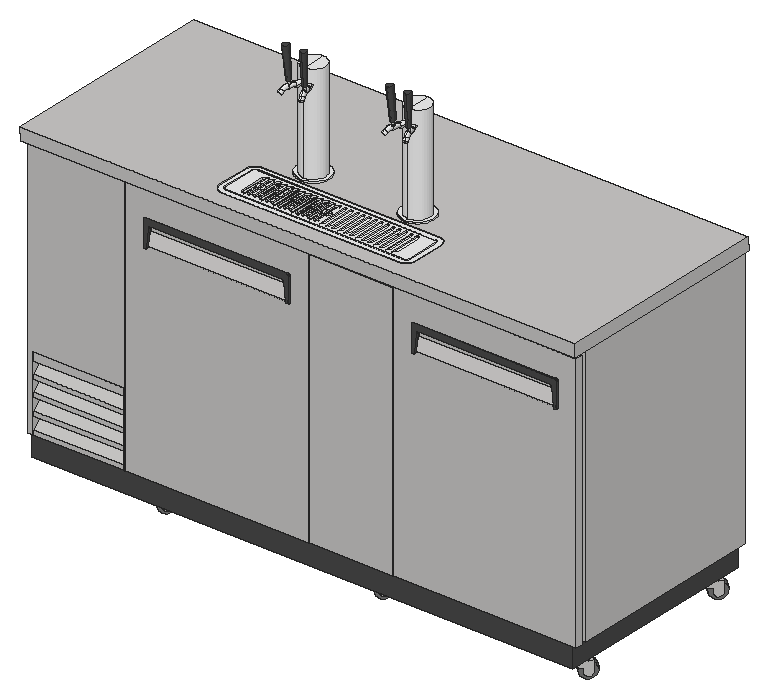
Revit family "QF_Turbo Air_TBD-3", category Specialty Equipment, Revit 2014 (continued)
Lines and regions (in)
  symbolic lines, style "QF_Clearances_Door_Drawer", detail levels coarse+medium
    curve 133: line (-4.00323, -27.125, 5.5625) -> (-4.00323, -48.375, 5.5625)
    curve 134: arc (-4.00323, -48.375, 5.5625) -> (11.57461, -42.24159, 5.5625) -> (18.77018, -27.125, 5.5625) r 22.8125
    curve 135: line (52.18427, -27.125, 5.5625) -> (52.18427, -48.375, 5.5625)
    curve 136: arc (52.18427, -48.375, 5.5625) -> (36.60644, -42.24159, 5.5625) -> (29.41087, -27.125, 5.5625) r 22.8125
Dimensions and locks (in)
  locked: plane 4 "RIGHT" to plane 3 "LEFT" at 69.125
  locked: plane 5 "FRONT" to plane 1 "BACK" at 27.125
  locked: plane 1 "BACK" to plane 6 "Bumber Back" at 2
  "CasterLeg Height": plane 7 "Bottom" to level
  locked: plane 8 "Counter Top" to plane 7 "Bottom" at 37
  locked: plane 8 "Counter Top" to plane 9 "Counter Bottom" at 1.5625
  locked: plane 10 "Vent Bottom" to plane 7 "Bottom" at 2.5625
  locked: Extrusion 1 sketch curve to plane 1 "BACK" at 0.625
  locked: plane 3 "LEFT" to Extrusion 1 sketch curve at 0.8125
  locked: Extrusion 1 sketch curve to plane 4 "RIGHT" at 0.8125
  locked: plane 3 "LEFT" to nested 1 at 3
  locked: nested 1 to plane 1 "BACK" at 3
  locked: nested 3 to plane 1 "BACK" at 3
  locked: nested 3 to plane 4 "RIGHT" at 3
  locked: plane 3 "LEFT" to nested 4 at 13.5625
  locked: nested 5 to plane 4 "RIGHT" at 3
  locked: plane 9 "Counter Bottom" to Extrusion 3 sketch curve at 3.9375  (x2)
  locked: Extrusion 3 sketch curve to plane 3 "LEFT" at 5.9375
  locked: plane 4 "RIGHT" to Extrusion 3 sketch curve at 5.9375
  locked: Extrusion 4 sketch curve to plane 7 "Bottom" at 2
  locked: plane 3 "LEFT" to plane 11 "Box Left" at 0.375
  locked: plane 5 "FRONT" to plane 14 "Doors Back" at 2.1875
  locked: plane 5 "FRONT" to plane 15 "Vents Front" at 0.75
  locked: plane 16 "Vent Top" to plane 10 "Vent Bottom" at 9.25
  locked: plane 5 "FRONT" to nested 7 at 3.875
  locked: plane 5 "FRONT" to nested 8 at 3.875
  plane 11 "Box Left" to plane 13 "Vents Right" = 1' - 0 3/16"
  locked: plane 17 "Box Right" to plane 4 "RIGHT" at 0.375
  locked: plane 11 "Box Left" to plane 12 "Vents Left" at 0.625
  locked: Extrusion 6 sketch curve to plane 13 "Vents Right" at 0.125
  locked: Extrusion 6 sketch curve to Extrusion 6 sketch curve at 0.125
  equal spacing: plane 3 "LEFT", plane 20 "Center Drain LR", plane 4 "RIGHT"
  locked: plane 21 "Center Drain FB" to plane 5 "FRONT" at 5.15625
  locked: plane 8 "Counter Top" to Extrusion 22 at 0.21974
  locked: nested 12 to plane 1 "BACK" at 3
  locked: plane 5 "FRONT" to nested 13 at 3.875
  equal spacing: plane 13 "Vents Right", nested 12, plane 17 "Box Right"
  equal spacing: plane 13 "Vents Right", nested 13, plane 17 "Box Right"
  locked: plane 22 "Door Clearance" to plane 1 "BACK" at 48.375
  locked: nested 10 to plane 20 "Center Drain LR" at 6.5
  locked: plane 20 "Center Drain LR" to nested 11 at 6.5
  locked: nested 10 to plane 21 "Center Drain FB" at 5.5
  locked: nested 11 to plane 21 "Center Drain FB" at 5.5
  Extrusion 8 sketch curve to plane 20 "Center Drain LR" to Extrusion 8 sketch curve = 1' - 0 3/16" locked, 1' - 0 3/16" locked
  locked: Extrusion 8 sketch curve to Extrusion 8 sketch curve at 0.625  (x2)
  Extrusion 7 sketch curve to plane 20 "Center Drain LR" to Extrusion 7 sketch curve = 1' - 0 3/16" locked, 1' - 0 3/16" locked
  locked: plane 20 "Center Drain LR" to Extrusion 16 at 0.21462
  locked: plane 18 to plane 17 "Box Right" at 22.8125
  locked: plane 13 "Vents Right" to plane 19 at 22.8125
  locked: plane 9 "Counter Bottom" to Extrusion 64 sketch curve at 0.6875
  locked: Extrusion 64 sketch curve to plane 19 at 0.125
  locked: Extrusion 64 sketch curve to plane 18 at 0.125
  equal spacing: plane 13 "Vents Right", Extrusion 4 sketch curve, plane 11 "Box Left"
  aligned and locked: level to plane 2
  aligned and locked: plane 10 "Vent Bottom" to Extrusion 1
  aligned and locked: nested 1 to nested 2
  aligned and locked: nested 2 to nested 1
  aligned and locked: nested 6 to nested 3  (x2)
  aligned and locked: nested 4 to nested 8
  aligned and locked: nested 8 to nested 4
  aligned and locked: nested 7 to nested 5  (x2)
  aligned and locked: plane 1 "BACK" to Extrusion 3
  aligned and locked: plane 3 "LEFT" to curve 2
  aligned and locked: curve 3 to plane 5 "FRONT"
  aligned and locked: plane 1 "BACK" to curve 1
  aligned and locked: curve 5 to Extrusion 3
  aligned and locked: curve 6 to Extrusion 3
  aligned and locked: nested 9 to plane 10 "Vent Bottom"
  aligned and locked: plane 1 "BACK" to Extrusion 5 sketch curve
  aligned and locked: plane 11 "Box Left" to Extrusion 5 sketch curve
  aligned and locked: Extrusion 5 sketch curve to plane 14 "Doors Back"
  aligned and locked: Extrusion 5 sketch curve to plane 17 "Box Right"
  aligned and locked: plane 9 "Counter Bottom" to Extrusion 5
  aligned and locked: plane 13 "Vents Right" to nested 9
  aligned and locked: plane 19 to nested 9
  aligned and locked: plane 10 "Vent Bottom" to Extrusion 6 sketch curve
  aligned and locked: Extrusion 6 sketch curve to plane 10 "Vent Bottom"
  aligned and locked: plane 11 "Box Left" to Extrusion 6 sketch curve
  aligned and locked: Extrusion 6 sketch curve to plane 16 "Vent Top"
  aligned and locked: Extrusion 6 sketch curve to plane 9 "Counter Bottom"
  aligned and locked: Extrusion 6 sketch curve to plane 12 "Vents Left"
  aligned and locked: plane 15 "Vents Front" to Extrusion 6
  aligned and locked: Extrusion 2 sketch curve to plane 16 "Vent Top"
  aligned and locked: Extrusion 2 to Extrusion 6
  aligned and locked: plane 3 "LEFT" to Extrusion 7 sketch curve
  aligned and locked: Extrusion 7 sketch curve to plane 5 "FRONT"
  aligned and locked: Extrusion 7 sketch curve to plane 4 "RIGHT"
  aligned and locked: plane 1 "BACK" to Extrusion 7 sketch curve
  aligned and locked: plane 8 "Counter Top" to Extrusion 7
  aligned and locked: nested 10 to plane 8 "Counter Top"
  aligned and locked: nested 11 to plane 8 "Counter Top"
  aligned and locked: nested 12 to nested 14
  aligned and locked: nested 14 to nested 12
  aligned and locked: nested 13 to nested 15
  aligned and locked: nested 15 to nested 13
  aligned and locked: Extrusion 62 to nested 9
  aligned and locked: Extrusion 61 to nested 9
  aligned and locked: curve 28 to Extrusion 8
  aligned and locked: curve 15 to Extrusion 8
  aligned and locked: curve 20 to Extrusion 8
  aligned and locked: curve 13 to Extrusion 8
  aligned and locked: plane 17 "Box Right" to nested 16
  aligned and locked: plane 14 "Doors Back" to nested 16
  aligned and locked: plane 18 to nested 16
  aligned and locked: plane 10 "Vent Bottom" to nested 16
  aligned and locked: plane 10 "Vent Bottom" to Extrusion 64 sketch curve
  aligned and locked: plane 15 "Vents Front" to Extrusion 64
Automatic sketch dimensions
  Extrusion 1 sketch curve to plane 5 "FRONT" = 0' - 0 13/16"
  Extrusion 9 sketch curve to Extrusion 9 sketch curve = 0' - 0.50913"
  Extrusion 10 sketch curve to Extrusion 10 sketch curve = 0' - 0.50913"
  Extrusion 11 sketch curve to Extrusion 11 sketch curve = 0' - 0.50913"
  Extrusion 12 sketch curve to Extrusion 12 sketch curve = 0' - 0.50913"
  Extrusion 13 sketch curve to Extrusion 13 sketch curve = 0' - 0.50913"
  Extrusion 14 sketch curve to Extrusion 14 sketch curve = 0' - 0.50913"
  Extrusion 15 sketch curve to Extrusion 15 sketch curve = 0' - 0.50913"
  Extrusion 16 sketch curve to Extrusion 16 sketch curve = 0' - 0.50913"
  Extrusion 17 sketch curve to Extrusion 17 sketch curve = 0' - 0.50913"
  Extrusion 18 sketch curve to Extrusion 18 sketch curve = 0' - 0.50913"
  Extrusion 19 sketch curve to Extrusion 19 sketch curve = 0' - 0.50913"
  Extrusion 20 sketch curve to Extrusion 20 sketch curve = 0' - 0.50913"
  Extrusion 21 sketch curve to Extrusion 21 sketch curve = 0' - 0.50913"
  Extrusion 22 sketch curve to Extrusion 22 sketch curve = 0' - 0.50913"
  Extrusion 9 sketch curve to Extrusion 9 sketch curve = 0' - 2.98061"
  Extrusion 10 sketch curve to Extrusion 10 sketch curve = 0' - 2.98061"
  Extrusion 11 sketch curve to Extrusion 11 sketch curve = 0' - 2.98061"
  Extrusion 12 sketch curve to Extrusion 12 sketch curve = 0' - 2.98061"
  Extrusion 13 sketch curve to Extrusion 13 sketch curve = 0' - 2.98061"
  Extrusion 14 sketch curve to Extrusion 14 sketch curve = 0' - 2.98061"
  Extrusion 15 sketch curve to Extrusion 15 sketch curve = 0' - 2.98061"
  Extrusion 16 sketch curve to Extrusion 16 sketch curve = 0' - 2.98061"
  Extrusion 17 sketch curve to Extrusion 17 sketch curve = 0' - 2.98061"
  Extrusion 18 sketch curve to Extrusion 18 sketch curve = 0' - 2.98061"
  Extrusion 19 sketch curve to Extrusion 19 sketch curve = 0' - 2.98061"
  Extrusion 20 sketch curve to Extrusion 20 sketch curve = 0' - 2.98061"
  Extrusion 21 sketch curve to Extrusion 21 sketch curve = 0' - 2.98061"
  Extrusion 22 sketch curve to Extrusion 22 sketch curve = 0' - 2.98061"
  Extrusion 23 sketch curve to Extrusion 23 sketch curve = 0' - 0.50913"
  Extrusion 24 sketch curve to Extrusion 24 sketch curve = 0' - 0.50913"
  Extrusion 25 sketch curve to Extrusion 25 sketch curve = 0' - 0.50913"
  Extrusion 26 sketch curve to Extrusion 26 sketch curve = 0' - 0.50913"
  Extrusion 27 sketch curve to Extrusion 27 sketch curve = 0' - 0.50913"
  Extrusion 28 sketch curve to Extrusion 28 sketch curve = 0' - 0.50913"
  Extrusion 29 sketch curve to Extrusion 29 sketch curve = 0' - 0.50913"
  Extrusion 30 sketch curve to Extrusion 30 sketch curve = 0' - 0.50913"
  Extrusion 31 sketch curve to Extrusion 31 sketch curve = 0' - 0.50913"
  Extrusion 32 sketch curve to Extrusion 32 sketch curve = 0' - 0.50913"
  Extrusion 33 sketch curve to Extrusion 33 sketch curve = 0' - 0.50913"
  Extrusion 34 sketch curve to Extrusion 34 sketch curve = 0' - 0.50913"
  Extrusion 35 sketch curve to Extrusion 35 sketch curve = 0' - 0.50913"
  Extrusion 36 sketch curve to Extrusion 36 sketch curve = 0' - 0.50913"
  Extrusion 23 sketch curve to Extrusion 23 sketch curve = 0' - 2.98061"
  Extrusion 24 sketch curve to Extrusion 24 sketch curve = 0' - 2.98061"
  Extrusion 25 sketch curve to Extrusion 25 sketch curve = 0' - 2.98061"
  Extrusion 26 sketch curve to Extrusion 26 sketch curve = 0' - 2.98061"
  Extrusion 27 sketch curve to Extrusion 27 sketch curve = 0' - 2.98061"
  Extrusion 28 sketch curve to Extrusion 28 sketch curve = 0' - 2.98061"
  Extrusion 29 sketch curve to Extrusion 29 sketch curve = 0' - 2.98061"
  Extrusion 30 sketch curve to Extrusion 30 sketch curve = 0' - 2.98061"
  Extrusion 31 sketch curve to Extrusion 31 sketch curve = 0' - 2.98061"
  Extrusion 32 sketch curve to Extrusion 32 sketch curve = 0' - 2.98061"
  Extrusion 33 sketch curve to Extrusion 33 sketch curve = 0' - 2.98061"
  Extrusion 34 sketch curve to Extrusion 34 sketch curve = 0' - 2.98061"
  Extrusion 35 sketch curve to Extrusion 35 sketch curve = 0' - 2.98061"
  Extrusion 36 sketch curve to Extrusion 36 sketch curve = 0' - 2.98061"
  Extrusion 8 sketch curve to Extrusion 8 sketch curve = 0' - 0"  (x6)
  plane 14 "Doors Back" to Extrusion 8 sketch curve = 0' - 0 3/16"
  Extrusion 8 sketch curve to Extrusion 8 sketch curve = 0' - 0 9/16"  (x2)
  Extrusion 8 sketch curve to plane 14 "Doors Back" = 0' - 1"
  plane 21 "Center Drain FB" to Extrusion 8 sketch curve = 0' - 1 31/32"  (x2)
  Extrusion 37 sketch curve to Extrusion 37 sketch curve = 0' - 0.50913"
  Extrusion 37 sketch curve to Extrusion 37 sketch curve = 0' - 2.98061"
  Extrusion 38 sketch curve to Extrusion 38 sketch curve = 0' - 0.50913"
  Extrusion 38 sketch curve to Extrusion 38 sketch curve = 0' - 2.98061"
  Extrusion 39 sketch curve to Extrusion 39 sketch curve = 0' - 0.50913"
  Extrusion 39 sketch curve to Extrusion 39 sketch curve = 0' - 2.98061"
  Extrusion 40 sketch curve to Extrusion 40 sketch curve = 0' - 0.50913"
  Extrusion 40 sketch curve to Extrusion 40 sketch curve = 0' - 2.98061"
  Extrusion 41 sketch curve to Extrusion 41 sketch curve = 0' - 0.50913"
  Extrusion 41 sketch curve to Extrusion 41 sketch curve = 0' - 2.98061"
  Extrusion 42 sketch curve to Extrusion 42 sketch curve = 0' - 0.50913"
  Extrusion 42 sketch curve to Extrusion 42 sketch curve = 0' - 2.98061"
  Extrusion 43 sketch curve to Extrusion 43 sketch curve = 0' - 0.50913"
  Extrusion 43 sketch curve to Extrusion 43 sketch curve = 0' - 2.98061"
  Extrusion 44 sketch curve to Extrusion 44 sketch curve = 0' - 0.50913"
  Extrusion 44 sketch curve to Extrusion 44 sketch curve = 0' - 2.98061"
  Extrusion 45 sketch curve to Extrusion 45 sketch curve = 0' - 0.50913"
  Extrusion 45 sketch curve to Extrusion 45 sketch curve = 0' - 2.98061"
  Extrusion 46 sketch curve to Extrusion 46 sketch curve = 0' - 0.50913"
  Extrusion 46 sketch curve to Extrusion 46 sketch curve = 0' - 2.98061"
  Extrusion 47 sketch curve to Extrusion 47 sketch curve = 0' - 0.50913"
  Extrusion 47 sketch curve to Extrusion 47 sketch curve = 0' - 2.98061"
  Extrusion 48 sketch curve to Extrusion 48 sketch curve = 0' - 0.50913"
  Extrusion 48 sketch curve to Extrusion 48 sketch curve = 0' - 2.98061"
  Extrusion 2 sketch curve to plane 15 "Vents Front" = 0' - 0"  (x5)
  Extrusion 2 sketch curve to plane 10 "Vent Bottom" = 0' - 0"
  Extrusion 2 sketch curve to plane 15 "Vents Front" = 0' - 0 1/16"  (x5)
  Extrusion 2 sketch curve to Extrusion 2 sketch curve = 0' - 0 5/16"  (x4)
  Extrusion 2 sketch curve to plane 15 "Vents Front" = 0' - 0.46339"
  Extrusion 2 sketch curve to Extrusion 2 sketch curve = 0' - 0 1/2"
  plane 14 "Doors Back" to Extrusion 2 sketch curve = 0' - 0.15587"  (x4)
  Extrusion 2 sketch curve to Extrusion 2 sketch curve = 0' - 0.04419"  (x4)
  plane 10 "Vent Bottom" to Extrusion 2 sketch curve = 0' - 0 1/16"
  Extrusion 2 sketch curve to Extrusion 2 sketch curve = 0' - 0.47411"  (x4)
  Extrusion 2 sketch curve to Extrusion 2 sketch curve = 0' - 0.02589"  (x4)
  Extrusion 2 sketch curve to Extrusion 2 sketch curve = 0' - 0.28087"
  Extrusion 2 sketch curve to Extrusion 2 sketch curve = 0' - 0 1/16"  (x4)
  Extrusion 2 sketch curve to Extrusion 2 sketch curve = 0' - 0.21837"  (x2)
  Extrusion 2 sketch curve to Extrusion 2 sketch curve = 0' - 0 15/16"
  Extrusion 2 sketch curve to plane 16 "Vent Top" = 0' - 0.40089"
  curve 1 to plane 4 "RIGHT" = 0' - 0"
  curve 10 to plane 17 "Box Right" = 0' - 4 3/4"
  curve 6 to curve 9 = 0' - 1 5/8"
  plane 12 "Vents Left" to curve 5 = 0' - 5 3/4"
  curve 5 to curve 7 = 0' - 1 5/8"
  plane 14 "Doors Back" to Extrusion 7 sketch curve = 0' - 0 3/16"
  Extrusion 7 sketch curve to plane 14 "Doors Back" = 0' - 1"  (x2)
  plane 21 "Center Drain FB" to Extrusion 7 sketch curve = 0' - 1 31/32"  (x2)
  Extrusion 7 sketch curve to Extrusion 7 sketch curve = 0' - 1 3/16"
  curve 133 to plane 13 "Vents Right" = 0' - 0"
  plane 22 "Door Clearance" to curve 133 = 0' - 0"
  curve 136 to plane 17 "Box Right" = 0' - 0"
  plane 22 "Door Clearance" to curve 136 = 0' - 0"
  plane 15 "Vents Front" to curve 135 = 0' - 0 3/4"
  plane 15 "Vents Front" to curve 134 = 0' - 0 3/4"
  plane 15 "Vents Front" to curve 133 = 0' - 0 3/4"
  plane 15 "Vents Front" to curve 136 = 0' - 0 3/4"
  plane 18 to curve 136 = 0' - 0.0391"
  curve 134 to plane 19 = 0' - 0.0391"
  plane 13 "Vents Right" to curve 134 = 0' - 0.01447"
  curve 136 to plane 17 "Box Right" = 0' - 0.01447"
  plane 22 "Door Clearance" to Extrusion 61 sketch curve = 0' - 0"
  plane 15 "Vents Front" to Extrusion 61 sketch curve = 0' - 0"
  Extrusion 61 sketch curve to plane 17 "Box Right" = 0' - 0"
  Extrusion 61 sketch curve to plane 18 = 0' - 0"
  Extrusion 61 sketch curve to plane 17 "Box Right" = 0' - 0.01447"
  plane 22 "Door Clearance" to Extrusion 62 sketch curve = 0' - 0"
  plane 15 "Vents Front" to Extrusion 62 sketch curve = 0' - 0"
  Extrusion 62 sketch curve to plane 19 = 0' - 0"
  Extrusion 62 sketch curve to plane 13 "Vents Right" = 0' - 0"
  plane 13 "Vents Right" to Extrusion 62 sketch curve = 0' - 0.01447"
  curve 12 to curve 21 = 0' - 0"
  curve 14 to curve 27 = 0' - 0"  (x2)
  curve 16 to curve 29 = 0' - 0"
  curve 18 to curve 19 = 0' - 0"
  curve 19 to curve 18 = 0' - 0"
  plane 19 to curve 129 = 0' - 5 3/16"
  curve 83 to plane 20 "Center Drain LR" = 0' - 0"
  curve 83 to plane 21 "Center Drain FB" = 0' - 0"
  curve 104 to plane 14 "Doors Back" = 0' - 1 15/32"
  curve 70 to plane 14 "Doors Back" = 0' - 1 15/32"
  curve 104 to curve 108 = 0' - 0"
  plane 19 to curve 132 = 0' - 4 11/16"
  curve 132 to plane 14 "Doors Back" = 0' - 1 15/32"
  curve 67 to curve 71 = 0' - 0"
  curve 112 to plane 14 "Doors Back" = 0' - 1 15/32"
  curve 35 to plane 14 "Doors Back" = 0' - 1 15/32"
  curve 66 to curve 70 = 0' - 0"
  curve 113 to curve 112 = 0' - 0"
  curve 62 to curve 66 = 0' - 0"
  curve 71 to curve 75 = 0' - 0"
  curve 92 to plane 14 "Doors Back" = 0' - 1 15/32"
  curve 34 to curve 35 = 0' - 0"
  plane 20 "Center Drain LR" to curve 58 = 0' - 0 1/4"
  curve 58 to curve 62 = 0' - 0"
  curve 121 to curve 116 = 0' - 0"
  curve 79 to curve 132 = 0' - 0"
  curve 128 to plane 18 = 0' - 5 1/8"
  curve 129 to curve 128 = 0' - 0"
  curve 54 to plane 20 "Center Drain LR" = 0' - 0 1/4"
  curve 54 to curve 58 = 0' - 0"
  curve 108 to curve 23 = 0' - 0"
  curve 100 to curve 101 = 0' - 0"
  curve 50 to curve 54 = 0' - 0"
  curve 92 to curve 93 = 0' - 0"
  curve 117 to curve 116 = 0' - 0"
  curve 85 to curve 89 = 0' - 0"
  curve 46 to curve 47 = 0' - 0"
  curve 42 to curve 43 = 0' - 0"
  curve 29 to plane 14 "Doors Back" = 0' - 1"
  curve 20 to plane 14 "Doors Back" = 0' - 1"
  curve 33 to curve 34 = 0' - 0 1/2"
  curve 37 to curve 38 = 0' - 0 1/2"
  curve 95 to curve 96 = 0' - 0 1/2"
  curve 91 to curve 92 = 0' - 0 1/2"
  curve 107 to curve 108 = 0' - 0 1/2"
  curve 69 to curve 70 = 0' - 0 1/2"
  curve 119 to curve 120 = 0' - 0 1/2"
  curve 41 to curve 42 = 0' - 0 1/2"
  curve 123 to curve 124 = 0' - 0 1/2"
  curve 87 to curve 88 = 0' - 0 1/2"
  curve 45 to curve 46 = 0' - 0 1/2"
  curve 25 to curve 26 = 0' - 0 1/2"
  curve 49 to curve 50 = 0' - 0 1/2"
  curve 99 to curve 100 = 0' - 0 1/2"
  curve 81 to curve 82 = 0' - 0 1/2"
  curve 53 to curve 54 = 0' - 0 1/2"
  curve 127 to curve 128 = 0' - 0 1/2"
  curve 115 to curve 116 = 0' - 0 1/2"
  curve 54 to curve 57 = 0' - 0"
  curve 103 to curve 104 = 0' - 0 1/2"
  curve 77 to curve 78 = 0' - 0 1/2"
  curve 61 to curve 62 = 0' - 0 1/2"
  curve 65 to curve 66 = 0' - 0 1/2"
  curve 73 to curve 74 = 0' - 0 1/2"
  curve 111 to curve 112 = 0' - 0 1/2"
  curve 30 to plane 14 "Doors Back" = 0' - 0 7/16"
  plane 21 "Center Drain FB" to curve 64 = 0' - 1 1/2"
  plane 21 "Center Drain FB" to curve 114 = 0' - 1 1/2"
  plane 21 "Center Drain FB" to curve 75 = 0' - 1 1/2"
  curve 114 to curve 110 = 0' - 0"
  curve 71 to curve 76 = 0' - 0"
  plane 21 "Center Drain FB" to curve 56 = 0' - 1 1/2"
  curve 75 to curve 79 = 0' - 0"
  curve 52 to curve 56 = 0' - 0"
  curve 117 to curve 114 = 0' - 0"
  curve 67 to curve 72 = 0' - 0"
  curve 59 to curve 64 = 0' - 0"
  plane 21 "Center Drain FB" to curve 85 = 0' - 1 1/2"
  curve 48 to curve 52 = 0' - 0"
  curve 44 to curve 47 = 0' - 0"
  curve 86 to curve 89 = 0' - 0"
  curve 40 to curve 43 = 0' - 0"
  curve 36 to curve 39 = 0' - 0"
  curve 121 to curve 118 = 0' - 0"
  curve 90 to curve 93 = 0' - 0"
  plane 21 "Center Drain FB" to curve 106 = 0' - 1 1/2"
  curve 32 to curve 35 = 0' - 0"
  curve 94 to curve 97 = 0' - 0"
  curve 24 to curve 31 = 0' - 0"
  curve 125 to curve 122 = 0' - 0"
  curve 98 to curve 101 = 0' - 0"
  curve 129 to curve 126 = 0' - 0"
  curve 110 to curve 14 = 0' - 0 15/32"
  plane 21 "Center Drain FB" to curve 13 = 0' - 1 31/32"
  curve 12 to curve 22 = 0' - 0 9/16"
  curve 27 to curve 109 = 0' - 1 1/4"
  curve 110 to curve 113 = 0' - 0 1/4"
  curve 116 to curve 117 = 0' - 0 1/4"
  curve 120 to curve 121 = 0' - 0 1/4"
  curve 130 to curve 79 = 0' - 0 1/4"
  curve 82 to curve 75 = 0' - 0 1/4"
  curve 76 to curve 71 = 0' - 0 1/4"
  curve 72 to curve 67 = 0' - 0 1/4"
  curve 70 to curve 63 = 0' - 0 1/4"
  curve 66 to curve 59 = 0' - 0 1/4"
  curve 52 to curve 48 = 0' - 0 1/4"
  curve 47 to curve 46 = 0' - 0 1/4"
  curve 46 to curve 41 = 0' - 0 1/4"
  curve 39 to curve 37 = 0' - 0 1/4"
  curve 35 to curve 32 = 0' - 0 1/4"
  curve 31 to curve 26 = 0' - 0 1/4"
  curve 23 to curve 108 = 0' - 0 1/4"
  curve 105 to curve 104 = 0' - 0 1/4"
  curve 104 to curve 99 = 0' - 0 1/4"
  curve 97 to curve 95 = 0' - 0 1/4"
  curve 93 to curve 91 = 0' - 0 1/4"
  curve 92 to curve 87 = 0' - 0 1/4"
  curve 84 to plane 21 "Center Drain FB" = 0' - 0 3/16"
  Extrusion 63 sketch curve to plane 20 "Center Drain LR" = 0' - 0"
  Extrusion 63 sketch curve to plane 21 "Center Drain FB" = 0' - 0"
  Extrusion 63 sketch curve to plane 14 "Doors Back" = 0' - 1 15/32"  (x5)
  Extrusion 63 sketch curve to Extrusion 63 sketch curve = 0' - 0"  (x43)
  Extrusion 63 sketch curve to plane 19 = 0' - 0 1/16"
  Extrusion 63 sketch curve to plane 14 "Doors Back" = 0' - 1"  (x2)
  plane 18 to Extrusion 63 sketch curve = 0' - 0 1/8"
  Extrusion 63 sketch curve to Extrusion 63 sketch curve = 0' - 0 1/2"  (x25)
  plane 19 to Extrusion 63 sketch curve = 0' - 0 3/16"
  plane 20 "Center Drain LR" to Extrusion 63 sketch curve = 0' - 0 1/4"
  Extrusion 63 sketch curve to plane 14 "Doors Back" = 0' - 0 1/2"
  plane 21 "Center Drain FB" to Extrusion 63 sketch curve = 0' - 1 1/2"  (x4)
  Extrusion 63 sketch curve to Extrusion 63 sketch curve = 0' - 0 15/32"  (x2)
  Extrusion 63 sketch curve to plane 18 = 0' - 0 3/8"
  Extrusion 63 sketch curve to Extrusion 63 sketch curve = 0' - 1 1/4"  (x2)
  Extrusion 63 sketch curve to Extrusion 63 sketch curve = 0' - 0 1/4"  (x22)
  Extrusion 63 sketch curve to plane 20 "Center Drain LR" = 0' - 0 1/4"
  radius of Extrusion 3 sketch curve = 0' - 0 13/16"  (x2)
  radius of Extrusion 4 sketch curve = 0' - 0 1/4"
  radius of Extrusion 63 sketch curve = 0' - 0 3/16"
Nested families (in)
  nested 1: "FESCasterLeg2014" at (-13.56573, -3, 0), Casters <- "4 inch Casters", Legs <- "6 inch Legs", Height <- "CasterLeg Height", type "FESCasterLeg2014"
    with Legs no, Height 0' - 3", Casters no, Caster Radius 0' - 1"
  nested 2: "FES3Caster-2014" at (-13.56573, -3, 0), visible <- "2 inch Casters", type "FES3Caster"
  nested 3: "FESCasterLeg2014" at (49.55927, -3, 0), Casters <- "4 inch Casters", Legs <- "6 inch Legs", Height <- "CasterLeg Height", type "FESCasterLeg2014"
    with Legs no, Height 0' - 3", Casters no, Caster Radius 0' - 1"
  nested 4: "FESCasterLeg2014" at (-3.00323, -23.25, 0), Casters <- "4 inch Casters", Legs <- "6 inch Legs", Height <- "CasterLeg Height", type "FESCasterLeg2014"
    with Legs no, Height 0' - 3", Casters no, Caster Radius 0' - 1"
  nested 5: "FESCasterLeg2014" at (49.55927, -23.25, 0), Casters <- "4 inch Casters", Legs <- "6 inch Legs", Height <- "CasterLeg Height", type "FESCasterLeg2014"
    with Legs no, Height 0' - 3", Casters no, Caster Radius 0' - 1"
  nested 6: "FES3Caster-2014" at (49.55927, -3, 0), visible <- "2 inch Casters", type "FES3Caster"
  nested 7: "FES3Caster-2014" at (49.55927, -23.25, 0), visible <- "2 inch Casters", type "FES3Caster"
  nested 8: "FES3Caster-2014" at (-3.00323, -23.25, 0), visible <- "2 inch Casters", type "FES3Caster"
  nested 9: "QF_Turbo Air_UC-Solid Door" at (12.5625, -24.9375, 5.5625), Door Material <- "Body Material", type "QF_Turbo Air_UC-Solid Door"
    with Width 1' - 10 13/16", Symbolic Lines no, Height 2' - 8 5/16", Handle Distance 0' - 2 3/8", Door Material QF_Stainless-Polished
  nested 10: "FES_TA Double Tap" at (11.49677, -16.46875, 40), type "FES_TA Double Tap"
  nested 11: "FES_TA Double Tap" at (24.49677, -16.46875, 40), type "FES_TA Double Tap"
  nested 12: "FES3Caster-2014" at (24.09052, -3, 0), visible <- "2 inch Casters", type "FES3Caster"
  nested 13: "FES3Caster-2014" at (24.09052, -23.25, 0), visible <- "2 inch Casters", type "FES3Caster"
  nested 14: "FESCasterLeg2014" at (24.09052, -3, 0), Casters <- "4 inch Casters", Legs <- "6 inch Legs", Height <- "CasterLeg Height", type "FESCasterLeg2014"
    with Legs no, Height 0' - 3", Casters no, Caster Radius 0' - 1"
  nested 15: "FESCasterLeg2014" at (24.09052, -23.25, 0), Casters <- "4 inch Casters", Legs <- "6 inch Legs", Height <- "CasterLeg Height", type "FESCasterLeg2014"
    with Legs no, Height 0' - 3", Casters no, Caster Radius 0' - 1"
  nested 16: "QF_Turbo Air_UC-Solid Door" at (35.61855, -24.9375, 5.5625) x (-1, 0, 0) z (0, 0, 1), Door Material <- "Body Material", type "QF_Turbo Air_UC-Solid Door"
    with Width 1' - 10 13/16", Symbolic Lines no, Height 2' - 8 5/16", Handle Distance 0' - 2 3/8", Door Material QF_Stainless-Polished
Connectors (in)
  electrical at (-10.09698, -0.5625, 5), driven by "Number of Poles", driven by "Volts", driven by "Apparent Power"
    settings: on Extrusion 4, index 1, voltage 115 V, apparent load 805 VA, apparent load phase1 0 VA, apparent load phase2 0 VA, apparent load phase3 0 VA, power factor 1, load classification "Other", number of poles 1, system type 30, power factor state 1, is connector primary yes, connector utility no, sub classification motor no, connector description "Electric"
Definition of nested family "FES3Caster-2014"
  Parameters (values of type "FES3Caster-2014")
    Watermarked By = "http://revitwatermark.com"
    Type Comments = ""
    Assembly Code = ""
  Reference planes (in)
    plane 1 "Center (Front/Back)": y = 0
    plane 2: z = 0
    plane 3 "Center (Left/Right)": x = 0
    plane 4: z = 3
    plane 5: z = 2.5
  Forms (in)
    Extrusion 1, solid, material "QF_Stainless-Polished-Brushed"
      sketch origin (-24.12131, -22.88887, 10.18833) x (0.707107, 0.707107, 0) y (0, 0, 1)
        loop
          line (34.98772, -9.18833) -> (34.98772, -7.93833) -> (34.48772, -7.93833) -> (34.39402, -7.68833) -> (32.39402, -7.68833) -> (32.39402, -8.43833) -> (33.98772, -8.84206) -> (33.98772, -9.18833)
          arc (33.98772, -9.18833) -> (34.48772, -9.68833) -> (34.98772, -9.18833) r 0.5
      from 0 to 1.75
    Extrusion 2, solid, material "QF_Rubber-Black"
      sketch origin (-24.32327, -23.09083, 13.31461) x (0.707107, 0.707107, 0) y (0, 0, 1)
        loop
          circle (34.77334, -12.31461) r 1
      from 0.375 to 1.375
    Extrusion 3, solid, material "QF_Stainless-Polished-Brushed"
      sketch origin (-7.24148, -8.48391, 0) x (0.707107, 0.707107, 0) y (0, 0, 1)
        loop
          line (10.61603, 2.5) -> (11.61603, 2.5) -> (11.61603, 3) -> (10.61603, 3) -> (10.61603, 2.5)
      from 0 to -1.75
  Lines and regions (in)
    symbolic lines, style "QF_Hidden Details"
      curve 1: line (-1.26158, -0.51911, 0) -> (1.39007, 2.13254, 0)
      curve 2: line (-0.53429, -1.24639, 0) -> (2.11736, 1.40526, 0)
      curve 3: line (-1.26158, -0.51911, 0) -> (1.39007, 2.13254, 0)
      curve 4: line (-0.53429, -1.24639, 0) -> (2.11736, 1.40526, 0)
  Dimensions and locks (in)
    locked: plane 4 to plane 5 at 0.5
    plane 4 to level = 0' - 3"
    Extrusion 2 sketch curve to level = 0' - 1"
    Extrusion 1 sketch curve to level = 0' - 1"
    radius of Extrusion 2 sketch curve = 0' - 1"
    aligned and locked: plane 2 to level
    aligned and locked: Extrusion 3 to plane 5
    aligned and locked: plane 4 to Extrusion 3
    aligned and locked: plane 5 to Extrusion 1
Definition of nested family "QF_Turbo Air_UC-Solid Door"
  Parameters (values of type "QF_Turbo Air_UC-Solid Door")
    Width [instance] = 1' - 10 13/16"
    Watermarked By = ""
    URL = "www.turboairinc.com"
    Symbolic Lines [instance] = yes
    Manufacturer = "Turbo Air"  # constant formula
    Height [instance] = 2' - 8 5/16"
    Handle Distance [instance] = 0' - 2 3/8"
    Door Material [instance] = QF_Stainless-Polished
  Reference planes (in)
    plane 1 "BACK": y = 0
    plane 2: z = 0
    plane 3 "LEFT": x = -16.56573
    plane 4 "RIGHT": x = 6.24677
    plane 5 "Handle Right": x = 3.87177
    plane 6: x = 3.68427
    plane 7 "Handle Left": x = -14.25323
    plane 8: x = -14.06573
    plane 9 "Door Back": y = -0.625
    plane 10 "FRONT": y = -1.4375
    plane 11 "TOP": z = 32.3125
    plane 12 "Handle Top": z = 29.25
    plane 13 "Handle Bottom": z = 25.875
    plane 14: z = 29.0625
    plane 15: z = 26.0625
  Forms (in)
    Extrusion 1, solid, material "QF_Plastic-Black-Matte"
      sketch origin (0, 0, 0) x (1, 0, 0) y (0, 0, 1)
        loop
          line (-14.69073, 29.75) -> (-14.69073, 1.875) -> (4.37177, 1.875) -> (4.37177, 29.75) -> (-14.69073, 29.75)
      from 0 to 0.625
    Extrusion 2, solid, material "QF_Stainless-Polished" <- "Door Material"
      sketch origin (0, -0.625, 0) x (1, 0, 0) y (0, 0, 1)
        loop
          line (-16.56573, 32.3125) -> (-16.56573, 0) -> (6.24677, 0) -> (6.24677, 32.3125) -> (-16.56573, 32.3125)
        loop
          line (-14.06573, 29.0625) -> (-14.06573, 26.0625) -> (3.68427, 26.0625) -> (3.68427, 29.0625) -> (-14.06573, 29.0625)
      from 0 to 0.8125
    Extrusion 3, solid, material "QF_Stainless-Polished" <- "Door Material"
      sketch origin (-14.25323, 0, 0) x (0, 1, 0) y (0, 0, 1)
        loop
          line (-1.4375, 26.0625) -> (-0.625, 26.0625) -> (-0.625, 29.0625) -> (-0.6875, 29.0625) -> (-0.6875, 27.44712) -> (-1.4375, 26.0625)
      from 0.1875 to 17.9375
    Extrusion 4, solid, material "QF_Plastic-Black-Matte"
      sketch origin (0, -1.4375, 0) x (1, 0, 0) y (0, 0, 1)
        loop
          line (-14.25323, 29) -> (-14.25323, 25.9375)
          arc (-14.25323, 25.9375) -> (-14.23492, 25.89331) -> (-14.19073, 25.875) r 0.0625
          line (-14.19073, 25.875) -> (-13.93357, 25.875)
          arc (-13.93357, 25.875) -> (-13.89213, 25.89071) -> (-13.87153, 25.92993) r 0.0625
          line (-13.87153, 25.92993) -> (-13.58582, 28.2727)
          arc (-13.58582, 28.2727) -> (-13.524, 28.39038) -> (-13.3997, 28.4375) r 0.1875
          line (-13.3997, 28.4375) -> (3.01825, 28.4375)
          arc (3.01825, 28.4375) -> (3.14255, 28.39038) -> (3.20437, 28.2727) r 0.1875
          line (3.20437, 28.2727) -> (3.49008, 25.92993)
          arc (3.49008, 25.92993) -> (3.51068, 25.89071) -> (3.55212, 25.875) r 0.0625
          line (3.55212, 25.875) -> (3.80927, 25.875)
          arc (3.80927, 25.875) -> (3.85347, 25.89331) -> (3.87177, 25.9375) r 0.0625
          line (3.87177, 25.9375) -> (3.87177, 29)
          arc (3.87177, 29) -> (3.79855, 29.17678) -> (3.62177, 29.25) r 0.25
          line (3.62177, 29.25) -> (-14.00323, 29.25)
          arc (-14.00323, 29.25) -> (-14.18, 29.17678) -> (-14.25323, 29) r 0.25
      from 0 to 0.125
  Lines and regions (in)
    symbolic lines, visible <- "Symbolic Lines"
      curve 1: line (-16.56573, -0.625, 0) -> (6.24677, -0.625, 0)
      curve 2: line (-16.56573, -1.4375, 0) -> (-16.56573, -0.625, 0)
      curve 3: line (6.24677, -1.4375, 0) -> (-16.56573, -1.4375, 0)
      curve 4: line (6.24677, -0.625, 0) -> (6.24677, -1.4375, 0)
      curve 5: line (-14.69073, 0, 0) -> (-14.69073, -0.625, 0)
      curve 6: line (4.37177, -0.625, 0) -> (4.37177, 0, 0)
      curve 7: line (4.37177, 0, 0) -> (-14.69073, 0, 0)
  Dimensions and locks (in)
    "Width": plane 4 "RIGHT" to plane 3 "LEFT"
    "Handle Distance": plane 5 "Handle Right" to plane 4 "RIGHT"
    locked: plane 6 to plane 5 "Handle Right" at 0.1875
    locked: plane 7 "Handle Left" to plane 8 at 0.1875
    locked: plane 7 "Handle Left" to plane 5 "Handle Right" at 18.125
    locked: plane 9 "Door Back" to plane 1 "BACK" at 0.625
    locked: plane 10 "FRONT" to plane 9 "Door Back" at 0.8125
    "Height": plane 11 "TOP" to plane 2
    locked: plane 11 "TOP" to plane 12 "Handle Top" at 3.0625
    locked: plane 12 "Handle Top" to plane 13 "Handle Bottom" at 3.375
    locked: plane 12 "Handle Top" to plane 14 at 0.1875
    locked: plane 15 to plane 13 "Handle Bottom" at 0.1875
    locked: Extrusion 1 sketch curve to plane 3 "LEFT" at 1.875
    locked: plane 11 "TOP" to Extrusion 1 sketch curve at 2.5625
    locked: Extrusion 1 sketch curve to plane 4 "RIGHT" at 1.875
    locked: Extrusion 1 sketch curve to level at 1.875
    locked: Extrusion 3 sketch curve to plane 9 "Door Back" at 0.0625
    locked: Extrusion 3 sketch curve to plane 15 at 1.38462
    locked: plane 12 "Handle Top" to Extrusion 4 sketch curve at 0.8125
    locked: Extrusion 4 sketch curve to plane 13 "Handle Bottom" at 2.3977  (x2)
    locked: Extrusion 4 sketch curve to plane 7 "Handle Left" at 0.6674
    locked: Extrusion 4 sketch curve to plane 7 "Handle Left" at 0.85352
    locked: plane 5 "Handle Right" to Extrusion 4 sketch curve at 0.6674
    locked: plane 5 "Handle Right" to Extrusion 4 sketch curve at 0.85352
    aligned and locked: level to plane 2
    aligned and locked: plane 9 "Door Back" to Extrusion 1
    aligned and locked: Extrusion 2 sketch curve to plane 11 "TOP"
    aligned and locked: plane 3 "LEFT" to Extrusion 2 sketch curve
    aligned and locked: level to Extrusion 2 sketch curve
    aligned and locked: Extrusion 2 sketch curve to plane 4 "RIGHT"
    aligned and locked: Extrusion 2 sketch curve to plane 14
    aligned and locked: plane 8 to Extrusion 2 sketch curve
    aligned and locked: plane 15 to Extrusion 2 sketch curve
    aligned and locked: Extrusion 2 sketch curve to plane 6
    aligned and locked: plane 10 "FRONT" to Extrusion 2
    aligned and locked: plane 15 to Extrusion 3 sketch curve
    aligned and locked: plane 9 "Door Back" to Extrusion 3 sketch curve
    aligned and locked: Extrusion 3 to plane 8
    aligned and locked: plane 6 to Extrusion 3
    aligned and locked: Extrusion 3 sketch curve to plane 14
    aligned and locked: Extrusion 4 sketch curve to plane 12 "Handle Top"
    aligned and locked: Extrusion 4 sketch curve to plane 7 "Handle Left"
    aligned and locked: Extrusion 4 sketch curve to plane 13 "Handle Bottom"
    aligned and locked: plane 13 "Handle Bottom" to Extrusion 4 sketch curve
    aligned and locked: Extrusion 4 sketch curve to plane 5 "Handle Right"
    aligned and locked: plane 9 "Door Back" to curve 1
    aligned and locked: plane 3 "LEFT" to curve 2
    aligned and locked: curve 3 to plane 10 "FRONT"
    aligned and locked: curve 4 to plane 4 "RIGHT"
    aligned and locked: curve 5 to Extrusion 1
    aligned and locked: curve 6 to Extrusion 1
    aligned and locked: curve 7 to Extrusion 1
  Automatic sketch dimensions
    Extrusion 3 sketch curve to plane 10 "FRONT" = 0' - 0"
    plane 7 "Handle Left" to Extrusion 4 sketch curve = 0' - 0 1/16"
    plane 8 to Extrusion 4 sketch curve = 0' - 0 1/16"
    plane 13 "Handle Bottom" to Extrusion 4 sketch curve = 0' - 0 1/16"  (x2)
    plane 8 to Extrusion 4 sketch curve = 0' - 0.13216"
    plane 13 "Handle Bottom" to Extrusion 4 sketch curve = 0' - 0.05493"  (x2)
    Extrusion 4 sketch curve to plane 6 = 0' - 0.1942"
    Extrusion 4 sketch curve to plane 6 = 0' - 0 1/16"
    Extrusion 4 sketch curve to plane 5 "Handle Right" = 0' - 0 1/16"
Definition of nested family "FES_TA Double Tap"
  Reference planes (in)
    plane 1 "BACK": y = 0
    plane 2: z = 0
    plane 3 "LEFT": x = 0
  Forms (in)
    Revolve 1, solid, material "QF_Steel-Chrome Plated"
      sketch origin (0, 5.875, -37.75) x (0, 1, 0) y (0, 0, 1)
        loop
          line (-5.875, 37.75) -> (-5.875, 50.125) -> (-7.375, 50.125) -> (-7.375, 37.875) -> (-7.875, 37.875) -> (-7.875, 37.75) -> (-5.875, 37.75)
        axis (-5.875, 37.75) -> (-5.875, 50.125)
      angle from 0 to 360
    Extrusion 2, solid, material "QF_Steel-Chrome Plated"
      sketch origin (14.85189, 5.16614, -37.75) x (-0.940628, -0.33944, 0) y (0, 0, 1)
        loop
          circle (15.6935, 48.27885) r 0.3125
      from -1 to -1.875
    Sweep 3, solid, material "QF_Steel-Chrome Plated"
      path origin (-1.90406, 5.36533, -37.75) x (-0.33944, 0.940628, 0) y (0, 0, 1)
        loop
          line (-7.75, 48.27885) -> (-8.68934, 48.27885)
          arc (-8.68934, 48.27885) -> (-8.97635, 48.22176) -> (-9.21967, 48.05918) r 0.75
          line (-9.21967, 48.05918) -> (-9.5, 47.77885)
      profile origin (0.88602, -2.36632, 10.52885) x (0, 0, -1) y (0.940628, 0.33944, 0)
        loop
          circle (0, 0) r 0.25
        loop
          circle (0, 0) r 0.21875
    Blend 4, solid, material "QF_Plastic-Black-Fine Textured"
      base sketch origin (12.86858, 10.66213, 11.11038) x (-0.338148, 0.937048, 0.087156) y (-0.940628, -0.33944, 0)
        loop
          circle (-8.4375, 15.6935) r 0.25
      top sketch origin (12.86858, 10.66213, 11.11038) x (-0.338148, 0.937048, 0.087156) y (-0.940628, -0.33944, 0)
        loop
          circle (-8.4375, 15.6935) r 0.375
      from 0.875 to 4.875
    Extrusion 5, solid, material "QF_Steel-Chrome Plated"
      sketch origin (12.86858, 10.66213, 11.11038) x (-0.338148, 0.937048, 0.087156) y (-0.940628, -0.33944, 0)
        loop
          circle (-8.4375, 15.6935) r 0.12614
      from 0 to 0.875
    Extrusion 6, solid, material "QF_Steel-Chrome Plated"
      sketch origin (14.63661, -5.56939, -37.75) x (-0.93875, 0.344598, 0) y (0, 0, 1)
        loop
          circle (15.6935, 48.27885) r 0.3125
      from -1 to -1.875
    Sweep 7, solid, material "QF_Steel-Chrome Plated"
      path origin (1.92885, 5.35372, -37.75) x (0.344598, 0.93875, 0) y (0, 0, 1)
        loop
          line (-7.75, 48.27885) -> (-8.68934, 48.27885)
          arc (-8.68934, 48.27885) -> (-8.97635, 48.22176) -> (-9.21967, 48.05918) r 0.75
          line (-9.21967, 48.05918) -> (-9.5, 47.77885)
      profile origin (-0.90364, -2.3625, 10.52885) x (0, 0, -1) y (0.93875, -0.344598, 0)
        loop
          circle (0, 0) r 0.25
        loop
          circle (0, 0) r 0.21875
    Blend 8, solid, material "QF_Plastic-Black-Fine Textured"
      base sketch origin (16.65006, -0.08438, 11.11038) x (0.343287, 0.935178, 0.087156) y (-0.93875, 0.344598, 0)
        loop
          circle (-8.4375, 15.6935) r 0.25
      top sketch origin (16.65006, -0.08438, 11.11038) x (0.343287, 0.935178, 0.087156) y (-0.93875, 0.344598, 0)
        loop
          circle (-8.4375, 15.6935) r 0.375
      from 0.875 to 4.875
    Extrusion 9, solid, material "QF_Steel-Chrome Plated"
      sketch origin (16.65006, -0.08438, 11.11038) x (0.343287, 0.935178, 0.087156) y (-0.93875, 0.344598, 0)
        loop
          circle (-8.4375, 15.6935) r 0.12614
      from 0 to 0.875
  Lines and regions (in)
    symbolic lines, style "QF_Details_Surface"
      curve 1: arc (0, 2, 48.3125) -> (1.93316, 0.51273, 48.3125) -> (0.99118, -1.73711, 48.3125) r 2
      curve 2: arc (-0.65563, -1.88948, 48.3125) -> (-1.97218, 0.33244, 48.3125) -> (0, 2, 48.3125) r 2
      curve 3: arc (0, -1.5, 48.3125) -> (-1.5, 0, 48.3125) -> (0, 1.5, 48.3125) r 1.5
      curve 4: arc (0, 1.5, 48.3125) -> (1.5, 0, 48.3125) -> (0, -1.5, 48.3125) r 1.5
      curve 5: line (0.43265, -2.03061, 48.3125) -> (1.02054, -1.81846, 48.3125)
      curve 6: spline (1.23099, -3.32226, 48.3125) -> (1.31796, -3.27735, 48.3125) -> (1.39037, -3.21154, 48.3125) -> (1.44327, -3.12934, 48.3125) -> (1.47306, -3.03633, 48.3125) -> (1.47772, -2.93887, 48.3125) -> (1.45692, -2.84358, 48.3125) -> (1.41208, -2.75697, 48.3125) -> (1.34626, -2.68494, 48.3125) -> (1.26394, -2.63239, 48.3125) -> (1.17073, -2.60291, 48.3125) -> (1.07299, -2.59851, 48.3125) -> (0.97738, -2.61948, 48.3125)
      curve 7: spline (0.97738, -2.61948, 48.3125) -> (0.8904, -2.6644, 48.3125) -> (0.818, -2.7302, 48.3125) -> (0.76509, -2.81241, 48.3125) -> (0.7353, -2.90541, 48.3125) -> (0.73065, -3.00288, 48.3125) -> (0.75145, -3.09816, 48.3125) -> (0.79628, -3.18477, 48.3125) -> (0.86211, -3.2568, 48.3125) -> (0.94442, -3.30935, 48.3125) -> (1.03763, -3.33883, 48.3125) -> (1.13537, -3.34324, 48.3125) -> (1.23099, -3.32226, 48.3125)
      curve 8: spline (1.26061, -3.40435, 48.3125) -> (1.32352, -3.38805, 48.3125) -> (1.38623, -3.3842, 48.3125) -> (1.44446, -3.39305, 48.3125) -> (1.49426, -3.414, 48.3125) -> (1.53223, -3.44563, 48.3125) -> (1.55577, -3.48577, 48.3125) -> (1.56329, -3.5317, 48.3125) -> (1.55427, -3.58028, 48.3125) -> (1.52932, -3.6282, 48.3125) -> (1.49016, -3.6722, 48.3125) -> (1.43944, -3.70928, 48.3125) -> (1.38062, -3.73691, 48.3125)
      curve 9: spline (1.38062, -3.73691, 48.3125) -> (1.31771, -3.75321, 48.3125) -> (1.255, -3.75706, 48.3125) -> (1.19676, -3.74821, 48.3125) -> (1.14696, -3.72726, 48.3125) -> (1.109, -3.69564, 48.3125) -> (1.08546, -3.65549, 48.3125) -> (1.07794, -3.60956, 48.3125) -> (1.08696, -3.56098, 48.3125) -> (1.1119, -3.51306, 48.3125) -> (1.15107, -3.46906, 48.3125) -> (1.20179, -3.43198, 48.3125) -> (1.26061, -3.40435, 48.3125)
      curve 10: line (1.08546, -3.65549, 48.3125) -> (0.96354, -3.31764, 48.3125)
      curve 11: line (0.43265, -2.03061, 48.3125) -> (0.23451, -1.48155, 48.3125)
      curve 12: line (1.02054, -1.81846, 48.3125) -> (0.99118, -1.73711, 48.3125)
      curve 13: line (1.55577, -3.48577, 48.3125) -> (1.43385, -3.14792, 48.3125)
      curve 14: line (0.77451, -2.79382, 48.3125) -> (0.49144, -2.00939, 48.3125)
      curve 15: line (1.24482, -2.6241, 48.3125) -> (0.96175, -1.83967, 48.3125)
      curve 16: circle (0, 0, 0) r 2 normal (0, 0, 1)
      curve 17: circle (0, 0, 0) r 1.5 normal (0, 0, 1)
      curve 18: line (0.46801, -1.94447, 0) -> (1.08546, -3.65549, 0)
      curve 19: arc (1.08546, -3.65549, 0) -> (1.37312, -3.71613, 0) -> (1.55577, -3.48577, 0) r 0.27937
      curve 20: line (1.55577, -3.48577, 0) -> (0.93574, -1.76759, 0)
      curve 21: line (-1.03515, -1.81391, 48.3125) -> (-0.44843, -2.02929, 48.3125)
      curve 22: spline (-1.25385, -3.31654, 48.3125) -> (-1.15835, -3.33804, 48.3125) -> (-1.06058, -3.33417, 48.3125) -> (-0.96722, -3.3052, 48.3125) -> (-0.88461, -3.25311, 48.3125) -> (-0.8184, -3.18144, 48.3125) -> (-0.77308, -3.09507, 48.3125) -> (-0.75176, -2.99991, 48.3125) -> (-0.75588, -2.90242, 48.3125) -> (-0.78516, -2.80925, 48.3125) -> (-0.83761, -2.72675, 48.3125) -> (-0.90966, -2.66055, 48.3125) -> (-0.99638, -2.61516, 48.3125)
      curve 23: spline (-0.99638, -2.61516, 48.3125) -> (-1.09188, -2.59366, 48.3125) -> (-1.18964, -2.59753, 48.3125) -> (-1.28301, -2.6265, 48.3125) -> (-1.36562, -2.67859, 48.3125) -> (-1.43183, -2.75026, 48.3125) -> (-1.47715, -2.83663, 48.3125) -> (-1.49847, -2.9318, 48.3125) -> (-1.49435, -3.02929, 48.3125) -> (-1.46507, -3.12245, 48.3125) -> (-1.41262, -3.20495, 48.3125) -> (-1.34057, -3.27115, 48.3125) -> (-1.25385, -3.31654, 48.3125)
      curve 24: spline (-1.28392, -3.39846, 48.3125) -> (-1.22525, -3.42642, 48.3125) -> (-1.17474, -3.46377, 48.3125) -> (-1.13581, -3.50799, 48.3125) -> (-1.11113, -3.55605, 48.3125) -> (-1.10238, -3.60468, 48.3125) -> (-1.11015, -3.65056, 48.3125) -> (-1.13391, -3.69058, 48.3125) -> (-1.17205, -3.72199, 48.3125) -> (-1.22196, -3.74267, 48.3125) -> (-1.28025, -3.7512, 48.3125) -> (-1.34293, -3.747, 48.3125) -> (-1.40575, -3.73036, 48.3125)
      curve 25: spline (-1.40575, -3.73036, 48.3125) -> (-1.46442, -3.70241, 48.3125) -> (-1.51493, -3.66505, 48.3125) -> (-1.55386, -3.62084, 48.3125) -> (-1.57854, -3.57278, 48.3125) -> (-1.58729, -3.52415, 48.3125) -> (-1.57952, -3.47826, 48.3125) -> (-1.55576, -3.43825, 48.3125) -> (-1.51762, -3.40683, 48.3125) -> (-1.46771, -3.38615, 48.3125) -> (-1.40942, -3.37762, 48.3125) -> (-1.34674, -3.38182, 48.3125) -> (-1.28392, -3.39846, 48.3125)
      curve 26: line (-1.57952, -3.47826, 48.3125) -> (-1.45575, -3.14109, 48.3125)
      curve 27: line (-1.03515, -1.81391, 48.3125) -> (-0.89183, -1.42348, 48.3125)
      curve 28: line (-0.44843, -2.02929, 48.3125) -> (-0.33843, -1.72963, 48.3125)
      curve 29: line (-1.11015, -3.65056, 48.3125) -> (-0.98638, -3.31339, 48.3125)
      curve 30: line (-1.26385, -2.61831, 48.3125) -> (-0.97648, -1.83545, 48.3125)
      curve 31: line (-0.79447, -2.79061, 48.3125) -> (-0.5071, -2.00775, 48.3125)
      curve 32: line (-1.00431, -1.91127, 0) -> (-1.57952, -3.47826, 0)
      curve 33: arc (-1.57952, -3.47826, 0) -> (-1.39814, -3.70962, 0) -> (-1.11015, -3.65056, 0) r 0.27937
      curve 34: line (-1.11015, -3.65056, 0) -> (-0.48191, -1.93912, 0)
  Dimensions and locks (in)
    locked: Revolve 1 sketch curve to Revolve 1 sketch curve at 1.5
    locked: Revolve 1 sketch curve to Revolve 1 sketch curve at 2
    aligned and locked: level to plane 2
Definition of nested family "FESCasterLeg2014"
  Parameters (values of type "FESCasterLeg2014")
    Watermarked By = "http://revitwatermark.com"
    Type Comments = "⍁⍉⌁⌀⏭⎽⌇⍠⌜⍉⎖⌥⌦⌯⍭⏊⍻⍿⍊⏵⍊⏗⏠⍴⎡⌈⎀⍠⌓⌤⏘⎐⍀⌐⏬⏁⎈⏍⏦⎒⏬⌝⍩⍇⌣〈⎫〉⎁⏊⍥⍖⍥⍝⍦⌖⍀⏌⏭⎝⎼⏷⏞⍻⏯⎽⏷⏞⍻⏯⎽⏷⎺⌻⎝⍎⌧⏷⏟⏿⌿⍜⍦⍤⌁⍬⏶⏎⍊⏚⏉⎞⌡⎀⎪⏈⌟⌿⍾⍼⌟⌿⌢⌞⏜⏝⎽⍷⍷⍯⍧⍷⌯⍽⏸⏨⏾⏎⌣⏺⍹⏼⏅⎏⌽⎫⎪⍙⎓⏗⎗⏅⌴⍏⍏⍿⏑⎺⍘⌭⏲⍥⎛⎾⎾⍞⍌⎪⎲⌙⎥⏏⎟⎟⏼⏘⎏⎝⏧⏍⏁⍏⍧⏯⏾⌟"
    Legs [instance] = yes
    Height [instance] = 0' - 6"
    Caster Radius [instance] = if(Height < 0' 3", 0' 1", (Height / 2) - 0' 0 1/2")  # 0' - 2 1/2"
    Casters [instance] = yes
    Assembly Code = ""
  Reference planes (in)
    plane 1 "Center (Front/Back)": y = 0
    plane 2: z = 0
    plane 3 "Center (Left/Right)": x = 0
    plane 4: z = 6
    plane 5: z = 5.5
  Forms (in)
    Extrusion 1, solid, material "QF_Stainless-Polished", visible <- "Casters"
      sketch origin (-24.12131, -22.88887, 10.18833) x (0.707107, 0.707107, 0) y (0, 0, 1)
        loop
          line (34.98772, -7.68833) -> (34.98772, -4.93833) -> (34.48772, -4.93833) -> (34.39402, -4.68833) -> (32.39402, -4.68833) -> (32.39402, -5.43833) -> (33.98772, -7.34206) -> (33.98772, -7.68833)
          arc (33.98772, -7.68833) -> (34.48772, -8.18833) -> (34.98772, -7.68833) r 0.5
      from 0 to 1.75
    Extrusion 2, solid, material "QF_Rubber-Black", visible <- "Casters"
      sketch origin (-24.32327, -23.09083, 13.31461) x (0.707107, 0.707107, 0) y (0, 0, 1)
        loop
          circle (34.77334, -10.81461) r 2.5
      from 0.375 to 1.375
    Extrusion 3, solid, material "QF_Stainless-Polished", visible <- "Casters"
      sketch origin (-7.24148, -8.48391, 0) x (0.707107, 0.707107, 0) y (0, 0, 1)
        loop
          line (10.61603, 5.5) -> (11.61603, 5.5) -> (11.61603, 6) -> (10.61603, 6) -> (10.61603, 5.5)
      from 0 to -1.75
    Blend 4, solid, material "QF_Stainless-Polished", visible <- "Legs"
      base sketch origin (0, 0, 0) x (1, 0, 0) y (0, 1, 0)
        loop
          circle (0, 0) r 0.5
      top sketch origin (0, 0, 0) x (1, 0, 0) y (0, 1, 0)
        loop
          circle (0, 0) r 1
      from 0 to 6 <- "Height"
  Lines and regions (in)
    symbolic lines, style "QF_Hidden Details", visible <- "Casters", built-in parameter 1006206 <- "Casters"
      curve 1: line (-1.26158, -0.51911, 0) -> (1.39007, 2.13254, 0)
      curve 2: line (-0.53429, -1.24639, 0) -> (2.11736, 1.40526, 0)
    symbolic lines, style "QF_Hidden Details", built-in parameter 1006206 <- "Casters", visible <- "Casters"
      curve 3: line (-1.26158, -0.51911, 0) -> (1.39007, 2.13254, 0)
      curve 4: line (-0.53429, -1.24639, 0) -> (2.11736, 1.40526, 0)
  Dimensions and locks (in)
    locked: plane 4 to plane 5 at 0.5
    "Height": plane 4 to level
    "Caster Radius": Extrusion 2 sketch curve to level
    "Caster Radius": Extrusion 1 sketch curve to level
    "Caster Radius": radius of Extrusion 2 sketch curve
    aligned and locked: plane 2 to level
    aligned: Blend 4 to Extrusion 3
    aligned and locked: plane 4 to Blend 4
    aligned and locked: Extrusion 3 to plane 5
    aligned and locked: plane 4 to Extrusion 3
    aligned and locked: plane 5 to Extrusion 1
  Automatic sketch dimensions
    plane 1 "Center (Front/Back)" to curve 3 = 0' - 0.51911"
    curve 3 to plane 3 "Center (Left/Right)" = 0' - 1.26158"
    plane 1 "Center (Front/Back)" to curve 1 = 0' - 0.51911"
    curve 1 to curve 3 = 0' - 0"  (x3)
    curve 4 to plane 3 "Center (Left/Right)" = 0' - 0.53429"
    curve 2 to curve 4 = 0' - 0"  (x2)
    plane 3 "Center (Left/Right)" to curve 3 = 0' - 1.39007"
    curve 1 to curve 4 = 0' - 0.72729"
    curve 2 to curve 1 = 0' - 0.72729"
    curve 4 to curve 2 = 0' - 0"  (x2)
    curve 2 to plane 1 "Center (Front/Back)" = 0' - 1.40526"
    curve 2 to curve 3 = 0' - 0.72729"
    Extrusion 3 sketch curve to plane 5 = 0' - 0"
    plane 4 to Extrusion 3 sketch curve = 0' - 0"
    Extrusion 3 sketch curve to Extrusion 3 sketch curve = 0' - 1"
    plane 1 "Center (Front/Back)" to Blend 4 sketch curve = 0' - 0"  (x2)
    Blend 4 sketch curve to plane 3 "Center (Left/Right)" = 0' - 0"  (x2)
    Extrusion 1 sketch curve to plane 5 = 0' - 0"
    Extrusion 1 sketch curve to plane 5 = 0' - 2.65373"
    Extrusion 1 sketch curve to Extrusion 1 sketch curve = 0' - 1.5937"
    Extrusion 1 sketch curve to Extrusion 1 sketch curve = 0' - 2"
    Extrusion 1 sketch curve to Extrusion 1 sketch curve = 0' - 0.0937"
    Extrusion 1 sketch curve to Extrusion 1 sketch curve = 0' - 0 1/2"
    Extrusion 1 sketch curve to plane 5 = 0' - 0 3/4"
    Extrusion 1 sketch curve to plane 5 = 0' - 0 1/4"
    radius of Blend 4 sketch curve = 0' - 0 1/2"
    radius of Blend 4 sketch curve = 0' - 1"
Types (3): name | Weight in Pounds | Model | Body Material
  (no name) | 338 | "TBD-3SD" | QF_Stainless-Polished
  TBD-3SD | 338 | "TBD-3SD" | QF_Stainless-Polished
  TBD-3SB | 348 | "TBD-3SB" | QF_Plastic-Black-Matte
